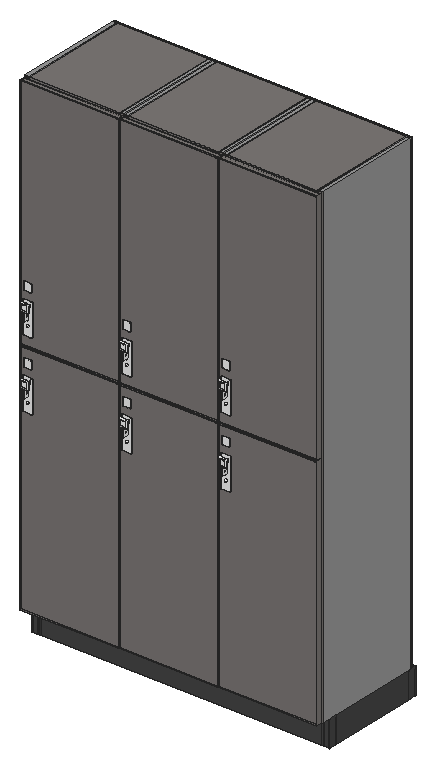
Revit family "Wood_Lockers_Hasps-Salsbury_Industries-15_42000_Series-3_Wide_Units.rfa", category Specialty Equipment, Revit 2016 (continued)
Types (7): name | Unit Height including Sloping Hood Only | Unit Height including Base Only | Sloping Hood Height | Overall Unit Height including Base and Sloping Hood | Model | Flat Top In-Line Filler - Right Side | Description | Depth | Compartment Depth | Base Height | Base Depth | Base
  15-42368 | 78.868" | 76.000" | 6.868" | 82.868" | "15-42368" | Wood Locker Flat In-Line Fillers : None | "3 Wide - 6 Feet High - 18 inches Deep - with Base" | 18.000" | 16.750" | 4.000" | 16.250" | Wood Locker Bases : Base - 45" W x 18" D Lockers
  15-42368 - without Base | 78.868" | 72.000" | 6.868" | 78.868" | "15-42368 without Base" | Wood Locker Sloping In-Line Fillers : None | "3 Wide - 6 Feet High - 18 inches Deep - without Base" | 18.000" | 16.750" | 0.000" | 16.250" | Wood Locker Bases : None
  15-42361 | 79.993" | 76.000" | 7.993" | 83.993" | "15-42361" | Wood Locker Sloping In-Line Fillers : None | "3 Wide - 6 Feet High - 21 inches Deep - with Base" | 21.000" | 19.750" | 4.000" | 19.250" | Wood Locker Bases : Base - 45" W x 21" D Lockers
  15-42361 - without Base | 79.993" | 72.000" | 7.993" | 79.993" | "15-42361 without Base" | Wood Locker Sloping In-Line Fillers : None | "3 Wide - 6 Feet High - 21 inches Deep - without Base" | 21.000" | 19.750" | 0.000" | 19.250" | Wood Locker Bases : None
